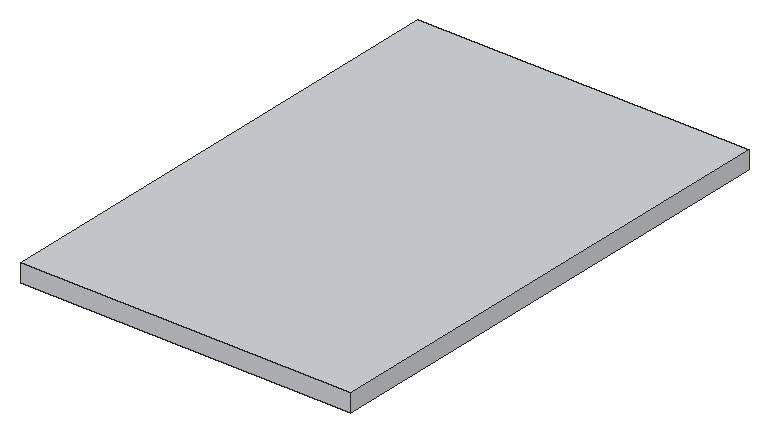
Revit family "EL-AS1547xxWS840M9x", category Leuchten, Revit 2020
Family settings
  Basisbauteil = Fläche
  Bemaßung runder Anschluss = Durchmesser verwenden
  Teiletyp = Normal
  OmniClass-Nummer = 23.80.70.11
  OmniClass-Titel = Luminaries for Internal Lighting
  Beim Laden mit Abzugskörper schneiden = Nein
  Lichtquelle = Ja
  Gemeinsam genutzt = Nein
  Raumberechnungspunkt = Nein
Parameters (values of type "EL-AS1547RFWS840M9P0800")
  width = 187 mm  # constant formula
  weight = ""
  voltage type (AC, DC, UC) = "AC"
  rated input power = 50  # constant formula
  product name = "EL-AS1547RFWS840M9P0800\r\n\r\nEL-AS1547NDWS840M9S0700\r\nEL-AS1547NDWS840M9S0700\r\n\r\nEL-AS1547NDWS840M9S0700"
  nominal voltage = "230"
  nominal frequency = "50-60Hz"
  length = 1555 mm  # constant formula
  ingress protection (IP) code = "IP20"
  height = 60 mm  # constant formula
  electrical safety class = "1"
  control gear = ""
  conformity mark = "CE"  # constant formula
  brand = "RIDI"
  approval mark = ""
  built-in parameter 1150104 = 13.8 (stored number, unit not read)
  Wattage = 54.0386 W
  Von Breite des Rechtecks ausssenden = 1440 mm  # constant formula
  Von Länge des Rechtecks aussenden = 92 mm  # constant formula
  Default Elevation = 0 mm
  built-in parameter 1150113 = 1 (stored number, unit not read)
  built-in parameter 1114218 = 1 (stored number, unit not read)
  URL = "www.ridi.de"
  built-in parameter 1150134 = 12
  built-in parameter 1150109 = 1 (stored number, unit not read)
  built-in parameter 1150110 = 1 (stored number, unit not read)
  Apparent Load = 50 VA  # constant formula
  Tilt Angle = 90.00°
  Modell = "0627911"
  built-in parameter 1114217 = 1 (stored number, unit not read)
  built-in parameter 1150139 = (empty or 0)
  built-in parameter 1150105 = 5902.3 (stored number, unit not read)
  built-in parameter 1150114 = 1 (stored number, unit not read)
  Lumens = 8027 lm
  built-in parameter 1150115 = 1 (stored number, unit not read)
  built-in parameter 1150112 = 1 (stored number, unit not read)
  Lampe = "LED"
  Hersteller = "RIDI Leuchten GmbH"  # constant formula
  Dimming Lamp Color Temperature Shift = (empty or 0)
  Color Filter = 16777215
  built-in parameter 1150133 = 10 (stored number, unit not read)
  Emit Shape Visible in Rendering = no
  built-in parameter 1150137 = (empty or 0)
  built-in parameter 1150132 = 2
  Datei für fotometrisches Netz = "xxxM9Pxxx.IES"
  Copyright = "© RIDI. All rights reserved."  # constant formula
  built-in parameter 1150106 = 59.023 (stored number, unit not read)
  Baugruppenkennzeichen = "D5020200"
  built-in parameter 1150107 = 4000 (stored number, unit not read)
  built-in parameter 1150102 = (empty or 0)
  built-in parameter 1150138 = (empty or 0)
Types (5, lengths in mm): name | product name | Wattage | Modell | built-in parameter 1150105 | Lumens | Datei für fotometrisches Netz | built-in parameter 1150106
  (no name) | "EL-AS1547RFWS840M9P0800\r\n\r\nEL-AS1547NDWS840M9S0700\r\nEL-AS1547NDWS840M9S0700\r\n\r\nEL-AS1547NDWS840M9S0700" | 54.0386 W | "0627911" | 5902.3 (stored number, unit not read) | 8027 lm | "xxxM9Pxxx.IES" | 59.023 (stored number, unit not read)
  EL-AS1547NDWS840M9S0750 | "EL-AS1547NDWS840M9S0750\r\nEL-AS1547NDWS840M9S0700\r\nEL-AS1547NDWS840M9S0700\r\n\r\nEL-AS1547NDWS840M9S0700" | 49.9993 W | "0627907" | 591.02 (stored number, unit not read) | 7427 lm | "xxxM9Sxxx.IES" | 5.9102 (stored number, unit not read)
  EL-AS1547DAWS840M9S0750 | "EL-AS1547DAWS840M9S0750\r\n\r\nEL-AS1547NDWS840M9S0700\r\nEL-AS1547NDWS840M9S0700\r\n\r\nEL-AS1547NDWS840M9S0700" | 49.9993 W | "0637907" | 591.02 (stored number, unit not read) | 7427 lm | "xxxM9Sxxx.IES" | 5.9102 (stored number, unit not read)
  EL-AS1547RFWS840M9P0800 | "EL-AS1547RFWS840M9P0800\r\n\r\nEL-AS1547NDWS840M9S0700\r\nEL-AS1547NDWS840M9S0700\r\n\r\nEL-AS1547NDWS840M9S0700" | 54.0386 W | "0627911" | 5902.3 (stored number, unit not read) | 8027 lm | "xxxM9Pxxx.IES" | 59.023 (stored number, unit not read)
  EL-AS1547DAWS840M9P0800 | "EL-AS1547DAWS840M9P0800\r\n\r\nEL-AS1547NDWS840M9S0700\r\n\r\nEL-AS1547DAWS840M9P0800" | 54.0386 W | "0637911" | 5902.3 (stored number, unit not read) | 8027 lm | "xxxM9Pxxx.IES" | 59.023 (stored number, unit not read)
Reference planes
  plane 1 "Mitte (Vorne/hinten)": y = 0
  plane 2: z = 0
  plane 3 "Mitte (Links/rechts)": x = 0
Forms (mm)
  Extrusion 1, solid
    sketch origin (219.2, 280.8, 0) x (1, 0, 0) y (0, 1, 0)
      loop
        line (-1219.2, 1219.2) -> (-1219.2, -1780.8) -> (780.8, -1780.8) -> (780.8, 1219.2) -> (-1219.2, 1219.2)
    from 0 to -107.307
Dimensions and locks
  aligned and locked: plane 2 to Extrusion 1
  aligned and locked: imposter light to plane 3 "Mitte (Links/rechts)"
  aligned and locked: import instance to imposter light
  aligned and locked: import instance to Extrusion 1
Connectors
  electrical at (0, 0, 6.13), driven by "Apparent Load"
    settings: on import instance, index 1, voltage 230 V, apparent load 0 VA, apparent load phase1 50 VA, apparent load phase2 0 VA, apparent load phase3 0 VA, power factor 1, load classification "Lighting", number of poles 1, system type 31, power factor state 1, is connector primary yes, connector utility no, sub classification motor no, connector description ""
